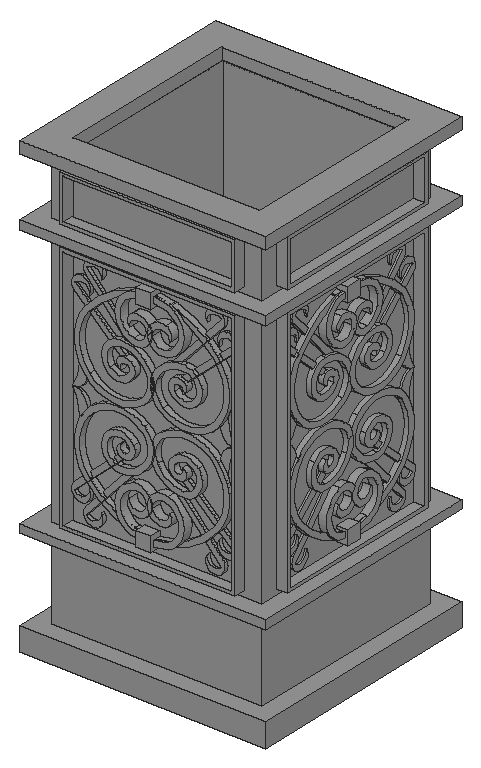
Revit family "Урна чугунная «Черниговская» Арт 15202", category Антураж, Revit 2018
Family settings
  На основе рабочей плоскости = Нет
  Всегда вертикально = Да
  При загрузке вырезать с полостями = Нет
  Источник визуального образа = Геометрия семейства
  Общий = Нет
  Точка расчета площади = Нет
Parameters (values of type "Урна чугунная «Черниговская»")
  Ширина = 415 mm  # constant formula
  Цвет урны = Чугун
  Описание = "Урна чугунная «Черниговская». Объём: 70 л"  # constant formula
  Материал изделия = "Чугун, сталь"  # constant formula
  Изображение типоразмера = Урна чугунная «Черниговская» Арт 15202.jpg
  Изготовитель = "ООО «Хоббика»"  # constant formula
  Длина = 415 mm  # constant formula
  Группа модели = "Уличные урны"  # constant formula
  Высота = 775 mm  # constant formula
  Артикул товара = "Арт. 15202"  # constant formula
  URL = "https://hobbyka.ru/product/urna_chugunnaya_chernigovskaya/"
Reference planes
  plane 1 "По центру (Вперед/Назад)": y = 0
  plane 2: z = 0
  plane 3 "По центру (Влево/Вправо)": x = 0
  plane 4: x = 415
  plane 5: y = 415
  plane 6: z = 775
Forms (mm)
  Sweep 1, solid, material "Чугун" <- "Цвет урны"
    path origin (0, 0, 0) x (1, 0, 0) y (0, 1, 0)
      loop
        line (0, 415) -> (0, 0) -> (415, 0) -> (415, 415) -> (0, 415)
    profile origin (207.5, 415, 0) x (0, 1, 0) y (0, 0, 1)
      loop
        line (0, 775) -> (-50, 775) -> (-50, 0) -> (0, 0) -> (0, 40) -> (-30, 40) -> (-30, 180) -> (0, 180) -> (0, 195) -> (-30, 195) -> (-30, 640) -> (0, 640) -> (0, 655) -> (-30, 655) -> (-30, 755) -> (0, 755) -> (0, 775)
  Extrusion 2, solid, not visible
    sketch origin (0, -1500, 0) x (0, 1, 0) y (0, 0, 1)
      loop
        line (1720, 627.5) -> (1695, 627.5) -> (1695, 602.5) -> (1720, 602.5) -> (1720, 627.5)
    from 10 to 30
  Extrusion 3, solid, not visible
    sketch origin (0, -1500, 0) x (0, 1, 0) y (0, 0, 1)
      loop
        arc (1669.534, 606.534) -> (1682.172, 609.344) -> (1695, 611.086) r 154.599
        line (1695, 611.086) -> (1695, 621.127)
        arc (1695, 621.127) -> (1680.599, 619.221) -> (1666.422, 616.052) r 164.599
        arc (1666.422, 616.052) -> (1638.167, 574.391) -> (1667.713, 533.636) r 43.835
        arc (1667.713, 533.636) -> (1692.567, 537.346) -> (1703.777, 559.837) r 27.204
        arc (1703.777, 559.837) -> (1693.236, 579.653) -> (1671.011, 582.781) r 24.727
        arc (1671.011, 582.781) -> (1661.389, 572.572) -> (1664.337, 558.857) r 15.081
        arc (1664.337, 558.857) -> (1678.652, 574.12) -> (1693.778, 559.66) r 14.727
        arc (1693.778, 559.66) -> (1686.689, 545.436) -> (1670.971, 543.09) r 17.204
        arc (1670.971, 543.09) -> (1648.171, 574.312) -> (1669.534, 606.534) r 33.835
    from 15 to 30
  Extrusion 4, solid, not visible
    sketch origin (0, -1500, 0) x (0, 1, 0) y (0, 0, 1)
      loop
        arc (1695, 621.127) -> (1632.379, 602.637) -> (1581.875, 561.255) r 164.599
        arc (1581.875, 561.255) -> (1562.274, 506.255) -> (1581.875, 451.255) r 86.965
        arc (1581.875, 451.255) -> (1631.912, 424.347) -> (1686.321, 440.702) r 74.231
        arc (1686.321, 440.702) -> (1701.673, 465.381) -> (1698.693, 494.292) r 44.899
        arc (1698.693, 494.292) -> (1675.77, 519.91) -> (1642.426, 528.269) r 58.615
        arc (1642.426, 528.269) -> (1613.422, 508.344) -> (1618.022, 473.457) r 33.663
        arc (1618.022, 473.457) -> (1643.868, 462.224) -> (1667.9, 476.944) r 30.528
        arc (1667.9, 476.944) -> (1665.197, 498.99) -> (1643.151, 501.693) r 18.034
        arc (1643.151, 501.693) -> (1637.997, 491.122) -> (1645.553, 482.11) r 10.801
        arc (1645.553, 482.11) -> (1652.452, 494.273) -> (1659.33, 482.098) r 8.034
        arc (1659.33, 482.098) -> (1643.171, 472.2) -> (1625.791, 479.753) r 20.528
        arc (1625.791, 479.753) -> (1622.557, 504.276) -> (1642.945, 518.283) r 23.663
        arc (1642.945, 518.283) -> (1670.601, 511.35) -> (1689.613, 490.102) r 48.615
        arc (1689.613, 490.102) -> (1691.929, 467.63) -> (1679.996, 448.448) r 34.899
        arc (1679.996, 448.448) -> (1632.917, 434.296) -> (1589.621, 457.58) r 64.231
        arc (1589.621, 457.58) -> (1572.274, 506.255) -> (1589.621, 554.931) r 76.965
        arc (1589.621, 554.931) -> (1636.67, 593.593) -> (1695, 611.086) r 154.599
        line (1695, 611.086) -> (1695, 621.127)
    from 20 to 30
  Extrusion 5, solid, not visible
    sketch origin (0, -1500, 0) x (0, 1, 0) y (0, 0, 1)
      loop
        line (1665.954, 524.653) -> (1580.262, 619.824)
        arc (1580.262, 619.824) -> (1597.84, 623.216) -> (1606.245, 607.409) r 15.063
        arc (1606.245, 607.409) -> (1592.114, 634.288) -> (1577.984, 607.409) r 17.154
        line (1577.984, 607.409) -> (1649.282, 528.224)
        arc (1649.282, 528.224) -> (1657.748, 527.048) -> (1665.954, 524.653) r 58.615
      loop
        line (1650.636, 504.182) -> (1558.491, 587.45)
        arc (1558.491, 587.45) -> (1576.24, 592.241) -> (1584.635, 575.885) r 14.617
        arc (1584.635, 575.885) -> (1570.505, 602.764) -> (1556.374, 575.885) r 17.154
        line (1556.374, 575.885) -> (1640.564, 499.805)
        arc (1640.564, 499.805) -> (1645.259, 502.779) -> (1650.636, 504.182) r 18.034
    from 25 to 30
  Extrusion 6, solid, not visible
    sketch origin (0, -1500, 0) x (0, 1, 0) y (0, 0, 1)
      loop
        arc (1565.418, 483.08) -> (1566.882, 452.474) -> (1556.032, 423.819) r 75.31
        arc (1556.032, 423.819) -> (1575.185, 431.667) -> (1581.875, 451.255) r 25.023
        arc (1581.875, 451.255) -> (1571.99, 466.311) -> (1565.418, 483.08) r 86.965
    from 25 to 30
  Extrusion 7, solid, not visible
    sketch origin (0, 1915, 0) x (0, -1, 0) y (0, 0, -1)
      loop
        arc (1669.534, -606.534) -> (1648.171, -574.312) -> (1670.971, -543.09) r 33.835
        arc (1670.971, -543.09) -> (1686.689, -545.436) -> (1693.778, -559.66) r 17.204
        arc (1693.778, -559.66) -> (1678.652, -574.12) -> (1664.337, -558.857) r 14.727
        arc (1664.337, -558.857) -> (1661.389, -572.572) -> (1671.011, -582.781) r 15.081
        arc (1671.011, -582.781) -> (1693.236, -579.653) -> (1703.777, -559.837) r 24.727
        arc (1703.777, -559.837) -> (1692.567, -537.346) -> (1667.713, -533.636) r 27.204
        arc (1667.713, -533.636) -> (1638.167, -574.391) -> (1666.422, -616.052) r 43.835
        arc (1666.422, -616.052) -> (1680.599, -619.221) -> (1695, -621.127) r 164.599
        line (1695, -621.127) -> (1695, -611.086)
        arc (1695, -611.086) -> (1682.172, -609.344) -> (1669.534, -606.534) r 154.599
    from 15 to 30
  Extrusion 8, solid, not visible
    sketch origin (0, 1915, 0) x (0, -1, 0) y (0, 0, -1)
      loop
        line (1695, -621.127) -> (1695, -611.086)
        arc (1695, -611.086) -> (1636.67, -593.593) -> (1589.621, -554.931) r 154.599
        arc (1589.621, -554.931) -> (1572.274, -506.255) -> (1589.621, -457.58) r 76.965
        arc (1589.621, -457.58) -> (1632.917, -434.296) -> (1679.996, -448.448) r 64.231
        arc (1679.996, -448.448) -> (1691.929, -467.63) -> (1689.613, -490.102) r 34.899
        arc (1689.613, -490.102) -> (1670.601, -511.35) -> (1642.945, -518.283) r 48.615
        arc (1642.945, -518.283) -> (1622.557, -504.276) -> (1625.791, -479.753) r 23.663
        arc (1625.791, -479.753) -> (1643.171, -472.2) -> (1659.33, -482.098) r 20.528
        arc (1659.33, -482.098) -> (1652.452, -494.273) -> (1645.553, -482.11) r 8.034
        arc (1645.553, -482.11) -> (1637.997, -491.122) -> (1643.151, -501.693) r 10.801
        arc (1643.151, -501.693) -> (1665.197, -498.99) -> (1667.9, -476.944) r 18.034
        arc (1667.9, -476.944) -> (1643.868, -462.224) -> (1618.022, -473.457) r 30.528
        arc (1618.022, -473.457) -> (1613.422, -508.344) -> (1642.426, -528.269) r 33.663
        arc (1642.426, -528.269) -> (1675.77, -519.91) -> (1698.693, -494.292) r 58.615
        arc (1698.693, -494.292) -> (1701.673, -465.381) -> (1686.321, -440.702) r 44.899
        arc (1686.321, -440.702) -> (1631.912, -424.347) -> (1581.875, -451.255) r 74.231
        arc (1581.875, -451.255) -> (1562.274, -506.255) -> (1581.875, -561.255) r 86.965
        arc (1581.875, -561.255) -> (1632.379, -602.637) -> (1695, -621.127) r 164.599
    from 20 to 30
  Extrusion 9, solid, not visible
    sketch origin (0, 1915, 0) x (0, -1, 0) y (0, 0, -1)
      loop
        arc (1665.954, -524.653) -> (1657.748, -527.048) -> (1649.282, -528.224) r 58.615
        line (1649.282, -528.224) -> (1577.984, -607.409)
        arc (1577.984, -607.409) -> (1592.114, -634.288) -> (1606.245, -607.409) r 17.154
        arc (1606.245, -607.409) -> (1597.84, -623.216) -> (1580.262, -619.824) r 15.063
        line (1580.262, -619.824) -> (1665.954, -524.653)
      loop
        arc (1650.636, -504.182) -> (1645.259, -502.779) -> (1640.564, -499.805) r 18.034
        line (1640.564, -499.805) -> (1556.374, -575.885)
        arc (1556.374, -575.885) -> (1570.505, -602.764) -> (1584.635, -575.885) r 17.154
        arc (1584.635, -575.885) -> (1576.24, -592.241) -> (1558.491, -587.45) r 14.617
        line (1558.491, -587.45) -> (1650.636, -504.182)
    from 25 to 30
  Extrusion 10, solid, not visible
    sketch origin (0, 1915, 0) x (0, -1, 0) y (0, 0, -1)
      loop
        arc (1565.418, -483.08) -> (1571.99, -466.311) -> (1581.875, -451.255) r 86.965
        arc (1581.875, -451.255) -> (1575.185, -431.667) -> (1556.032, -423.819) r 25.023
        arc (1556.032, -423.819) -> (1566.882, -452.474) -> (1565.418, -483.08) r 75.31
    from 25 to 30
  Extrusion 11, solid, not visible
    sketch origin (0, -1500, 835) x (0, 1, 0) y (0, 0, 1)
      loop
        line (1720, -627.5) -> (1720, -602.5) -> (1695, -602.5) -> (1695, -627.5) -> (1720, -627.5)
    from 10 to 30
  Extrusion 12, solid, not visible
    sketch origin (0, -1500, 835) x (0, 1, 0) y (0, 0, 1)
      loop
        arc (1669.534, -606.534) -> (1648.171, -574.312) -> (1670.971, -543.09) r 33.835
        arc (1670.971, -543.09) -> (1686.689, -545.436) -> (1693.778, -559.66) r 17.204
        arc (1693.778, -559.66) -> (1678.652, -574.12) -> (1664.337, -558.857) r 14.727
        arc (1664.337, -558.857) -> (1661.389, -572.572) -> (1671.011, -582.781) r 15.081
        arc (1671.011, -582.781) -> (1693.236, -579.653) -> (1703.777, -559.837) r 24.727
        arc (1703.777, -559.837) -> (1692.567, -537.346) -> (1667.713, -533.636) r 27.204
        arc (1667.713, -533.636) -> (1638.167, -574.391) -> (1666.422, -616.052) r 43.835
        arc (1666.422, -616.052) -> (1680.599, -619.221) -> (1695, -621.127) r 164.599
        line (1695, -621.127) -> (1695, -611.086)
        arc (1695, -611.086) -> (1682.172, -609.344) -> (1669.534, -606.534) r 154.599
    from 15 to 30
  Extrusion 13, solid, not visible
    sketch origin (0, -1500, 835) x (0, 1, 0) y (0, 0, 1)
      loop
        line (1695, -621.127) -> (1695, -611.086)
        arc (1695, -611.086) -> (1636.67, -593.593) -> (1589.621, -554.931) r 154.599
        arc (1589.621, -554.931) -> (1572.274, -506.255) -> (1589.621, -457.58) r 76.965
        arc (1589.621, -457.58) -> (1632.917, -434.296) -> (1679.996, -448.448) r 64.231
        arc (1679.996, -448.448) -> (1691.929, -467.63) -> (1689.613, -490.102) r 34.899
        arc (1689.613, -490.102) -> (1670.601, -511.35) -> (1642.945, -518.283) r 48.615
        arc (1642.945, -518.283) -> (1622.557, -504.276) -> (1625.791, -479.753) r 23.663
        arc (1625.791, -479.753) -> (1643.171, -472.2) -> (1659.33, -482.098) r 20.528
        arc (1659.33, -482.098) -> (1652.452, -494.273) -> (1645.553, -482.11) r 8.034
        arc (1645.553, -482.11) -> (1637.997, -491.122) -> (1643.151, -501.693) r 10.801
        arc (1643.151, -501.693) -> (1665.197, -498.99) -> (1667.9, -476.944) r 18.034
        arc (1667.9, -476.944) -> (1643.868, -462.224) -> (1618.022, -473.457) r 30.528
        arc (1618.022, -473.457) -> (1613.422, -508.344) -> (1642.426, -528.269) r 33.663
        arc (1642.426, -528.269) -> (1675.77, -519.91) -> (1698.693, -494.292) r 58.615
        arc (1698.693, -494.292) -> (1701.673, -465.381) -> (1686.321, -440.702) r 44.899
        arc (1686.321, -440.702) -> (1631.912, -424.347) -> (1581.875, -451.255) r 74.231
        arc (1581.875, -451.255) -> (1562.274, -506.255) -> (1581.875, -561.255) r 86.965
        arc (1581.875, -561.255) -> (1632.379, -602.637) -> (1695, -621.127) r 164.599
    from 20 to 30
  Extrusion 14, solid, not visible
    sketch origin (0, -1500, 835) x (0, 1, 0) y (0, 0, 1)
      loop
        arc (1665.954, -524.653) -> (1657.748, -527.048) -> (1649.282, -528.224) r 58.615
        line (1649.282, -528.224) -> (1577.984, -607.409)
        arc (1577.984, -607.409) -> (1592.114, -634.288) -> (1606.245, -607.409) r 17.154
        arc (1606.245, -607.409) -> (1597.84, -623.216) -> (1580.262, -619.824) r 15.063
        line (1580.262, -619.824) -> (1665.954, -524.653)
      loop
        arc (1650.636, -504.182) -> (1645.259, -502.779) -> (1640.564, -499.805) r 18.034
        line (1640.564, -499.805) -> (1556.374, -575.885)
        arc (1556.374, -575.885) -> (1570.505, -602.764) -> (1584.635, -575.885) r 17.154
        arc (1584.635, -575.885) -> (1576.24, -592.241) -> (1558.491, -587.45) r 14.617
        line (1558.491, -587.45) -> (1650.636, -504.182)
    from 25 to 30
  Extrusion 15, solid, not visible
    sketch origin (0, -1500, 835) x (0, 1, 0) y (0, 0, 1)
      loop
        arc (1565.418, -483.08) -> (1571.99, -466.311) -> (1581.875, -451.255) r 86.965
        arc (1581.875, -451.255) -> (1575.185, -431.667) -> (1556.032, -423.819) r 25.023
        arc (1556.032, -423.819) -> (1566.882, -452.474) -> (1565.418, -483.08) r 75.31
    from 25 to 30
  Extrusion 16, solid, not visible
    sketch origin (0, 1915, 835) x (0, -1, 0) y (0, 0, -1)
      loop
        arc (1669.534, 606.534) -> (1682.172, 609.344) -> (1695, 611.086) r 154.599
        line (1695, 611.086) -> (1695, 621.127)
        arc (1695, 621.127) -> (1680.599, 619.221) -> (1666.422, 616.052) r 164.599
        arc (1666.422, 616.052) -> (1638.167, 574.391) -> (1667.713, 533.636) r 43.835
        arc (1667.713, 533.636) -> (1692.567, 537.346) -> (1703.777, 559.837) r 27.204
        arc (1703.777, 559.837) -> (1693.236, 579.653) -> (1671.011, 582.781) r 24.727
        arc (1671.011, 582.781) -> (1661.389, 572.572) -> (1664.337, 558.857) r 15.081
        arc (1664.337, 558.857) -> (1678.652, 574.12) -> (1693.778, 559.66) r 14.727
        arc (1693.778, 559.66) -> (1686.689, 545.436) -> (1670.971, 543.09) r 17.204
        arc (1670.971, 543.09) -> (1648.171, 574.312) -> (1669.534, 606.534) r 33.835
    from 15 to 30
  Extrusion 17, solid, not visible
    sketch origin (0, 1915, 835) x (0, -1, 0) y (0, 0, -1)
      loop
        arc (1695, 621.127) -> (1632.379, 602.637) -> (1581.875, 561.255) r 164.599
        arc (1581.875, 561.255) -> (1562.274, 506.255) -> (1581.875, 451.255) r 86.965
        arc (1581.875, 451.255) -> (1631.912, 424.347) -> (1686.321, 440.702) r 74.231
        arc (1686.321, 440.702) -> (1701.673, 465.381) -> (1698.693, 494.292) r 44.899
        arc (1698.693, 494.292) -> (1675.77, 519.91) -> (1642.426, 528.269) r 58.615
        arc (1642.426, 528.269) -> (1613.422, 508.344) -> (1618.022, 473.457) r 33.663
        arc (1618.022, 473.457) -> (1643.868, 462.224) -> (1667.9, 476.944) r 30.528
        arc (1667.9, 476.944) -> (1665.197, 498.99) -> (1643.151, 501.693) r 18.034
        arc (1643.151, 501.693) -> (1637.997, 491.122) -> (1645.553, 482.11) r 10.801
        arc (1645.553, 482.11) -> (1652.452, 494.273) -> (1659.33, 482.098) r 8.034
        arc (1659.33, 482.098) -> (1643.171, 472.2) -> (1625.791, 479.753) r 20.528
        arc (1625.791, 479.753) -> (1622.557, 504.276) -> (1642.945, 518.283) r 23.663
        arc (1642.945, 518.283) -> (1670.601, 511.35) -> (1689.613, 490.102) r 48.615
        arc (1689.613, 490.102) -> (1691.929, 467.63) -> (1679.996, 448.448) r 34.899
        arc (1679.996, 448.448) -> (1632.917, 434.296) -> (1589.621, 457.58) r 64.231
        arc (1589.621, 457.58) -> (1572.274, 506.255) -> (1589.621, 554.931) r 76.965
        arc (1589.621, 554.931) -> (1636.67, 593.593) -> (1695, 611.086) r 154.599
        line (1695, 611.086) -> (1695, 621.127)
    from 20 to 30
  Extrusion 18, solid, not visible
    sketch origin (0, 1915, 835) x (0, -1, 0) y (0, 0, -1)
      loop
        line (1665.954, 524.653) -> (1580.262, 619.824)
        arc (1580.262, 619.824) -> (1597.84, 623.216) -> (1606.245, 607.409) r 15.063
        arc (1606.245, 607.409) -> (1592.114, 634.288) -> (1577.984, 607.409) r 17.154
        line (1577.984, 607.409) -> (1649.282, 528.224)
        arc (1649.282, 528.224) -> (1657.748, 527.048) -> (1665.954, 524.653) r 58.615
      loop
        line (1650.636, 504.182) -> (1558.491, 587.45)
        arc (1558.491, 587.45) -> (1576.24, 592.241) -> (1584.635, 575.885) r 14.617
        arc (1584.635, 575.885) -> (1570.505, 602.764) -> (1556.374, 575.885) r 17.154
        line (1556.374, 575.885) -> (1640.564, 499.805)
        arc (1640.564, 499.805) -> (1645.259, 502.779) -> (1650.636, 504.182) r 18.034
    from 25 to 30
  Extrusion 19, solid, not visible
    sketch origin (0, 1915, 835) x (0, -1, 0) y (0, 0, -1)
      loop
        arc (1565.418, 483.08) -> (1566.882, 452.474) -> (1556.032, 423.819) r 75.31
        arc (1556.032, 423.819) -> (1575.185, 431.667) -> (1581.875, 451.255) r 25.023
        arc (1581.875, 451.255) -> (1571.99, 466.311) -> (1565.418, 483.08) r 86.965
    from 25 to 30
  Extrusion 20, solid, material "Чугун" <- "Цвет урны"
    sketch origin (0, 0, 0) x (0, 1, 0) y (0, 0, 1)
      loop
        line (355, 745) -> (60, 745) -> (60, 665) -> (355, 665) -> (355, 745)
      loop
        line (355, 630) -> (60, 630) -> (60, 205) -> (355, 205) -> (355, 630)
      loop
        line (350, 740) -> (65, 740) -> (65, 670) -> (350, 670) -> (350, 740)
      loop
        line (350, 625) -> (65, 625) -> (65, 210) -> (350, 210) -> (350, 625)
    from 10 to 30
  Extrusion 21, solid, material "Чугун" <- "Цвет урны"
    sketch origin (0, -1492.5, -13.415) x (0, 1, 0) y (0, 0, 1)
      loop
        line (1720, 627.5) -> (1695, 627.5) -> (1695, 602.5) -> (1720, 602.5) -> (1720, 627.5)
    from 10 to 30
  Extrusion 22, solid, material "Чугун" <- "Цвет урны"
    sketch origin (0, -1492.5, -13.415) x (0, 1, 0) y (0, 0, 1)
      loop
        arc (1668.157, 615.48) -> (1641.097, 575.579) -> (1669.394, 536.545) r 41.983
        arc (1669.394, 536.545) -> (1693.198, 540.099) -> (1703.934, 561.64) r 26.054
        arc (1703.934, 561.64) -> (1693.839, 580.619) -> (1672.552, 583.614) r 23.682
        arc (1672.552, 583.614) -> (1663.338, 573.836) -> (1666.161, 560.701) r 14.444
        arc (1666.161, 560.701) -> (1679.871, 575.319) -> (1694.358, 561.47) r 14.105
        arc (1694.358, 561.47) -> (1687.569, 547.847) -> (1672.515, 545.6) r 16.477
        arc (1672.515, 545.6) -> (1650.677, 575.503) -> (1671.139, 606.364) r 32.405
        arc (1671.139, 606.364) -> (1683.242, 609.054) -> (1695.528, 610.723) r 148.066
        line (1695.528, 610.723) -> (1695.528, 620.34)
        arc (1695.528, 620.34) -> (1681.735, 618.514) -> (1668.157, 615.48) r 157.644
    from 15 to 30
  Extrusion 23, solid, material "Чугун" <- "Цвет урны"
    sketch origin (0, -1492.5, -13.415) x (0, 1, 0) y (0, 0, 1)
      loop
        line (1695.528, 610.723) -> (1695.528, 620.34)
        arc (1695.528, 620.34) -> (1635.554, 602.631) -> (1587.183, 562.998) r 157.644
        arc (1587.183, 562.998) -> (1568.41, 510.322) -> (1587.183, 457.646) r 83.291
        arc (1587.183, 457.646) -> (1635.106, 431.874) -> (1687.216, 447.538) r 71.094
        arc (1687.216, 447.538) -> (1701.919, 471.174) -> (1699.065, 498.864) r 43.001
        arc (1699.065, 498.864) -> (1677.111, 523.4) -> (1645.175, 531.406) r 56.138
        arc (1645.175, 531.406) -> (1617.397, 512.322) -> (1621.802, 478.909) r 32.241
        arc (1621.802, 478.909) -> (1646.557, 468.151) -> (1669.573, 482.25) r 29.238
        arc (1669.573, 482.25) -> (1666.985, 503.364) -> (1645.87, 505.953) r 17.272
        arc (1645.87, 505.953) -> (1640.934, 495.828) -> (1648.171, 487.197) r 10.345
        arc (1648.171, 487.197) -> (1654.778, 498.846) -> (1661.365, 487.185) r 7.695
        arc (1661.365, 487.185) -> (1645.889, 477.705) -> (1629.243, 484.939) r 19.66
        arc (1629.243, 484.939) -> (1626.146, 508.427) -> (1645.673, 521.841) r 22.663
        arc (1645.673, 521.841) -> (1672.16, 515.201) -> (1690.369, 494.851) r 46.56
        arc (1690.369, 494.851) -> (1692.587, 473.329) -> (1681.159, 454.957) r 33.424
        arc (1681.159, 454.957) -> (1636.069, 441.403) -> (1594.601, 463.703) r 61.517
        arc (1594.601, 463.703) -> (1577.987, 510.322) -> (1594.601, 556.941) r 73.713
        arc (1594.601, 556.941) -> (1639.663, 593.969) -> (1695.528, 610.723) r 148.066
    from 20 to 30
  Extrusion 24, solid, material "Чугун" <- "Цвет урны"
    sketch origin (0, -1492.5, -13.415) x (0, 1, 0) y (0, 0, 1)
      loop
        arc (1651.742, 531.363) -> (1659.85, 530.236) -> (1667.709, 527.943) r 56.138
        line (1667.709, 527.943) -> (1585.638, 619.092)
        arc (1585.638, 619.092) -> (1602.473, 622.34) -> (1610.523, 607.202) r 14.426
        arc (1610.523, 607.202) -> (1596.99, 632.945) -> (1583.456, 607.202) r 16.429
        line (1583.456, 607.202) -> (1651.742, 531.363)
      loop
        arc (1643.392, 504.145) -> (1647.889, 506.992) -> (1653.039, 508.336) r 17.272
        line (1653.039, 508.336) -> (1564.787, 588.086)
        arc (1564.787, 588.086) -> (1581.787, 592.675) -> (1589.827, 577.01) r 13.999
        arc (1589.827, 577.01) -> (1576.293, 602.753) -> (1562.76, 577.01) r 16.429
        line (1562.76, 577.01) -> (1643.392, 504.145)
      loop
        arc (1571.422, 488.126) -> (1572.823, 458.813) -> (1562.432, 431.369) r 72.128
        arc (1562.432, 431.369) -> (1580.776, 438.886) -> (1587.183, 457.646) r 23.966
        arc (1587.183, 457.646) -> (1577.716, 472.065) -> (1571.422, 488.126) r 83.291
    from 25 to 30
  Extrusion 25, solid, material "Чугун" <- "Цвет урны"
    sketch origin (0, 1907.5, -13.415) x (0, -1, 0) y (0, 0, -1)
      loop
        arc (1668.157, -615.48) -> (1681.735, -618.514) -> (1695.528, -620.34) r 157.644
        line (1695.528, -620.34) -> (1695.528, -610.723)
        arc (1695.528, -610.723) -> (1683.242, -609.054) -> (1671.139, -606.364) r 148.066
        arc (1671.139, -606.364) -> (1650.677, -575.503) -> (1672.515, -545.6) r 32.405
        arc (1672.515, -545.6) -> (1687.569, -547.847) -> (1694.358, -561.47) r 16.477
        arc (1694.358, -561.47) -> (1679.871, -575.319) -> (1666.161, -560.701) r 14.105
        arc (1666.161, -560.701) -> (1663.338, -573.836) -> (1672.552, -583.614) r 14.444
        arc (1672.552, -583.614) -> (1693.839, -580.619) -> (1703.934, -561.64) r 23.682
        arc (1703.934, -561.64) -> (1693.198, -540.099) -> (1669.394, -536.545) r 26.054
        arc (1669.394, -536.545) -> (1641.097, -575.579) -> (1668.157, -615.48) r 41.983
    from 15 to 30
  Extrusion 26, solid, material "Чугун" <- "Цвет урны"
    sketch origin (0, 1907.5, -13.415) x (0, -1, 0) y (0, 0, -1)
      loop
        arc (1695.528, -610.723) -> (1639.663, -593.969) -> (1594.601, -556.941) r 148.066
        arc (1594.601, -556.941) -> (1577.987, -510.322) -> (1594.601, -463.703) r 73.713
        arc (1594.601, -463.703) -> (1636.069, -441.403) -> (1681.159, -454.957) r 61.517
        arc (1681.159, -454.957) -> (1692.587, -473.329) -> (1690.369, -494.851) r 33.424
        arc (1690.369, -494.851) -> (1672.16, -515.201) -> (1645.673, -521.841) r 46.56
        arc (1645.673, -521.841) -> (1626.146, -508.427) -> (1629.243, -484.939) r 22.663
        arc (1629.243, -484.939) -> (1645.889, -477.705) -> (1661.365, -487.185) r 19.66
        arc (1661.365, -487.185) -> (1654.778, -498.846) -> (1648.171, -487.197) r 7.695
        arc (1648.171, -487.197) -> (1640.934, -495.828) -> (1645.87, -505.953) r 10.345
        arc (1645.87, -505.953) -> (1666.985, -503.364) -> (1669.573, -482.25) r 17.272
        arc (1669.573, -482.25) -> (1646.557, -468.151) -> (1621.802, -478.909) r 29.238
        arc (1621.802, -478.909) -> (1617.397, -512.322) -> (1645.175, -531.406) r 32.241
        arc (1645.175, -531.406) -> (1677.111, -523.4) -> (1699.065, -498.864) r 56.138
        arc (1699.065, -498.864) -> (1701.919, -471.174) -> (1687.216, -447.538) r 43.001
        arc (1687.216, -447.538) -> (1635.106, -431.874) -> (1587.183, -457.646) r 71.094
        arc (1587.183, -457.646) -> (1568.41, -510.322) -> (1587.183, -562.998) r 83.291
        arc (1587.183, -562.998) -> (1635.554, -602.631) -> (1695.528, -620.34) r 157.644
        line (1695.528, -620.34) -> (1695.528, -610.723)
    from 20 to 30
  Extrusion 27, solid, material "Чугун" <- "Цвет урны"
    sketch origin (0, 1907.5, -13.415) x (0, -1, 0) y (0, 0, -1)
      loop
        line (1651.742, -531.363) -> (1583.456, -607.202)
        arc (1583.456, -607.202) -> (1596.99, -632.945) -> (1610.523, -607.202) r 16.429
        arc (1610.523, -607.202) -> (1602.473, -622.34) -> (1585.638, -619.092) r 14.426
        line (1585.638, -619.092) -> (1667.709, -527.943)
        arc (1667.709, -527.943) -> (1659.85, -530.236) -> (1651.742, -531.363) r 56.138
      loop
        line (1643.392, -504.145) -> (1562.76, -577.01)
        arc (1562.76, -577.01) -> (1576.293, -602.753) -> (1589.827, -577.01) r 16.429
        arc (1589.827, -577.01) -> (1581.787, -592.675) -> (1564.787, -588.086) r 13.999
        line (1564.787, -588.086) -> (1653.039, -508.336)
        arc (1653.039, -508.336) -> (1647.889, -506.992) -> (1643.392, -504.145) r 17.272
      loop
        arc (1571.422, -488.126) -> (1577.716, -472.065) -> (1587.183, -457.646) r 83.291
        arc (1587.183, -457.646) -> (1580.776, -438.886) -> (1562.432, -431.369) r 23.966
        arc (1562.432, -431.369) -> (1572.823, -458.813) -> (1571.422, -488.126) r 72.128
    from 25 to 30
  Extrusion 28, solid, material "Чугун" <- "Цвет урны"
    sketch origin (0, -1492.5, 848.415) x (0, 1, 0) y (0, 0, 1)
      loop
        line (1720, -627.5) -> (1720, -602.5) -> (1695, -602.5) -> (1695, -627.5) -> (1720, -627.5)
    from 10 to 30
  Extrusion 29, solid, material "Чугун" <- "Цвет урны"
    sketch origin (0, -1492.5, 848.415) x (0, 1, 0) y (0, 0, 1)
      loop
        arc (1668.157, -615.48) -> (1681.735, -618.514) -> (1695.528, -620.34) r 157.644
        line (1695.528, -620.34) -> (1695.528, -610.723)
        arc (1695.528, -610.723) -> (1683.242, -609.054) -> (1671.139, -606.364) r 148.066
        arc (1671.139, -606.364) -> (1650.677, -575.503) -> (1672.515, -545.6) r 32.405
        arc (1672.515, -545.6) -> (1687.569, -547.847) -> (1694.358, -561.47) r 16.477
        arc (1694.358, -561.47) -> (1679.871, -575.319) -> (1666.161, -560.701) r 14.105
        arc (1666.161, -560.701) -> (1663.338, -573.836) -> (1672.552, -583.614) r 14.444
        arc (1672.552, -583.614) -> (1693.839, -580.619) -> (1703.934, -561.64) r 23.682
        arc (1703.934, -561.64) -> (1693.198, -540.099) -> (1669.394, -536.545) r 26.054
        arc (1669.394, -536.545) -> (1641.097, -575.579) -> (1668.157, -615.48) r 41.983
    from 15 to 30
  Extrusion 30, solid, material "Чугун" <- "Цвет урны"
    sketch origin (0, -1492.5, 848.415) x (0, 1, 0) y (0, 0, 1)
      loop
        arc (1695.528, -610.723) -> (1639.663, -593.969) -> (1594.601, -556.941) r 148.066
        arc (1594.601, -556.941) -> (1577.987, -510.322) -> (1594.601, -463.703) r 73.713
        arc (1594.601, -463.703) -> (1636.069, -441.403) -> (1681.159, -454.957) r 61.517
        arc (1681.159, -454.957) -> (1692.587, -473.329) -> (1690.369, -494.851) r 33.424
        arc (1690.369, -494.851) -> (1672.16, -515.201) -> (1645.673, -521.841) r 46.56
        arc (1645.673, -521.841) -> (1626.146, -508.427) -> (1629.243, -484.939) r 22.663
        arc (1629.243, -484.939) -> (1645.889, -477.705) -> (1661.365, -487.185) r 19.66
        arc (1661.365, -487.185) -> (1654.778, -498.846) -> (1648.171, -487.197) r 7.695
        arc (1648.171, -487.197) -> (1640.934, -495.828) -> (1645.87, -505.953) r 10.345
        arc (1645.87, -505.953) -> (1666.985, -503.364) -> (1669.573, -482.25) r 17.272
        arc (1669.573, -482.25) -> (1646.557, -468.151) -> (1621.802, -478.909) r 29.238
        arc (1621.802, -478.909) -> (1617.397, -512.322) -> (1645.175, -531.406) r 32.241
        arc (1645.175, -531.406) -> (1677.111, -523.4) -> (1699.065, -498.864) r 56.138
        arc (1699.065, -498.864) -> (1701.919, -471.174) -> (1687.216, -447.538) r 43.001
        arc (1687.216, -447.538) -> (1635.106, -431.874) -> (1587.183, -457.646) r 71.094
        arc (1587.183, -457.646) -> (1568.41, -510.322) -> (1587.183, -562.998) r 83.291
        arc (1587.183, -562.998) -> (1635.554, -602.631) -> (1695.528, -620.34) r 157.644
        line (1695.528, -620.34) -> (1695.528, -610.723)
    from 20 to 30
  Extrusion 31, solid, material "Чугун" <- "Цвет урны"
    sketch origin (0, -1492.5, 848.415) x (0, 1, 0) y (0, 0, 1)
      loop
        line (1651.742, -531.363) -> (1583.456, -607.202)
        arc (1583.456, -607.202) -> (1596.99, -632.945) -> (1610.523, -607.202) r 16.429
        arc (1610.523, -607.202) -> (1602.473, -622.34) -> (1585.638, -619.092) r 14.426
        line (1585.638, -619.092) -> (1667.709, -527.943)
        arc (1667.709, -527.943) -> (1659.85, -530.236) -> (1651.742, -531.363) r 56.138
      loop
        line (1643.392, -504.145) -> (1562.76, -577.01)
        arc (1562.76, -577.01) -> (1576.293, -602.753) -> (1589.827, -577.01) r 16.429
        arc (1589.827, -577.01) -> (1581.787, -592.675) -> (1564.787, -588.086) r 13.999
        line (1564.787, -588.086) -> (1653.039, -508.336)
        arc (1653.039, -508.336) -> (1647.889, -506.992) -> (1643.392, -504.145) r 17.272
      loop
        arc (1571.422, -488.126) -> (1577.716, -472.065) -> (1587.183, -457.646) r 83.291
        arc (1587.183, -457.646) -> (1580.776, -438.886) -> (1562.432, -431.369) r 23.966
        arc (1562.432, -431.369) -> (1572.823, -458.813) -> (1571.422, -488.126) r 72.128
    from 25 to 30
  Extrusion 32, solid, material "Чугун" <- "Цвет урны"
    sketch origin (0, 1907.5, 848.415) x (0, -1, 0) y (0, 0, -1)
      loop
        arc (1668.157, 615.48) -> (1641.097, 575.579) -> (1669.394, 536.545) r 41.983
        arc (1669.394, 536.545) -> (1693.198, 540.099) -> (1703.934, 561.64) r 26.054
        arc (1703.934, 561.64) -> (1693.839, 580.619) -> (1672.552, 583.614) r 23.682
        arc (1672.552, 583.614) -> (1663.338, 573.836) -> (1666.161, 560.701) r 14.444
        arc (1666.161, 560.701) -> (1679.871, 575.319) -> (1694.358, 561.47) r 14.105
        arc (1694.358, 561.47) -> (1687.569, 547.847) -> (1672.515, 545.6) r 16.477
        arc (1672.515, 545.6) -> (1650.677, 575.503) -> (1671.139, 606.364) r 32.405
        arc (1671.139, 606.364) -> (1683.242, 609.054) -> (1695.528, 610.723) r 148.066
        line (1695.528, 610.723) -> (1695.528, 620.34)
        arc (1695.528, 620.34) -> (1681.735, 618.514) -> (1668.157, 615.48) r 157.644
    from 15 to 30
  Extrusion 33, solid, material "Чугун" <- "Цвет урны"
    sketch origin (0, 1907.5, 848.415) x (0, -1, 0) y (0, 0, -1)
      loop
        line (1695.528, 610.723) -> (1695.528, 620.34)
        arc (1695.528, 620.34) -> (1635.554, 602.631) -> (1587.183, 562.998) r 157.644
        arc (1587.183, 562.998) -> (1568.41, 510.322) -> (1587.183, 457.646) r 83.291
        arc (1587.183, 457.646) -> (1635.106, 431.874) -> (1687.216, 447.538) r 71.094
        arc (1687.216, 447.538) -> (1701.919, 471.174) -> (1699.065, 498.864) r 43.001
        arc (1699.065, 498.864) -> (1677.111, 523.4) -> (1645.175, 531.406) r 56.138
        arc (1645.175, 531.406) -> (1617.397, 512.322) -> (1621.802, 478.909) r 32.241
        arc (1621.802, 478.909) -> (1646.557, 468.151) -> (1669.573, 482.25) r 29.238
        arc (1669.573, 482.25) -> (1666.985, 503.364) -> (1645.87, 505.953) r 17.272
        arc (1645.87, 505.953) -> (1640.934, 495.828) -> (1648.171, 487.197) r 10.345
        arc (1648.171, 487.197) -> (1654.778, 498.846) -> (1661.365, 487.185) r 7.695
        arc (1661.365, 487.185) -> (1645.889, 477.705) -> (1629.243, 484.939) r 19.66
        arc (1629.243, 484.939) -> (1626.146, 508.427) -> (1645.673, 521.841) r 22.663
        arc (1645.673, 521.841) -> (1672.16, 515.201) -> (1690.369, 494.851) r 46.56
        arc (1690.369, 494.851) -> (1692.587, 473.329) -> (1681.159, 454.957) r 33.424
        arc (1681.159, 454.957) -> (1636.069, 441.403) -> (1594.601, 463.703) r 61.517
        arc (1594.601, 463.703) -> (1577.987, 510.322) -> (1594.601, 556.941) r 73.713
        arc (1594.601, 556.941) -> (1639.663, 593.969) -> (1695.528, 610.723) r 148.066
    from 20 to 30
  Extrusion 34, solid, material "Чугун" <- "Цвет урны"
    sketch origin (0, 1907.5, 848.415) x (0, -1, 0) y (0, 0, -1)
      loop
        arc (1651.742, 531.363) -> (1659.85, 530.236) -> (1667.709, 527.943) r 56.138
        line (1667.709, 527.943) -> (1585.638, 619.092)
        arc (1585.638, 619.092) -> (1602.473, 622.34) -> (1610.523, 607.202) r 14.426
        arc (1610.523, 607.202) -> (1596.99, 632.945) -> (1583.456, 607.202) r 16.429
        line (1583.456, 607.202) -> (1651.742, 531.363)
      loop
        arc (1643.392, 504.145) -> (1647.889, 506.992) -> (1653.039, 508.336) r 17.272
        line (1653.039, 508.336) -> (1564.787, 588.086)
        arc (1564.787, 588.086) -> (1581.787, 592.675) -> (1589.827, 577.01) r 13.999
        arc (1589.827, 577.01) -> (1576.293, 602.753) -> (1562.76, 577.01) r 16.429
        line (1562.76, 577.01) -> (1643.392, 504.145)
      loop
        arc (1571.422, 488.126) -> (1572.823, 458.813) -> (1562.432, 431.369) r 72.128
        arc (1562.432, 431.369) -> (1580.776, 438.886) -> (1587.183, 457.646) r 23.966
        arc (1587.183, 457.646) -> (1577.716, 472.065) -> (1571.422, 488.126) r 83.291
    from 25 to 30
  Extrusion 35, solid, material "Чугун" <- "Цвет урны"
    sketch origin (415, 415, 0) x (0, -1, 0) y (0, 0, 1)
      loop
        line (355, 745) -> (60, 745) -> (60, 665) -> (355, 665) -> (355, 745)
      loop
        line (355, 630) -> (60, 630) -> (60, 205) -> (355, 205) -> (355, 630)
      loop
        line (350, 740) -> (65, 740) -> (65, 670) -> (350, 670) -> (350, 740)
      loop
        line (350, 625) -> (65, 625) -> (65, 210) -> (350, 210) -> (350, 625)
    from 10 to 30
  Extrusion 36, solid, material "Чугун" <- "Цвет урны"
    sketch origin (415, 1907.5, -13.415) x (0, -1, 0) y (0, 0, 1)
      loop
        line (1720, 627.5) -> (1695, 627.5) -> (1695, 602.5) -> (1720, 602.5) -> (1720, 627.5)
    from 10 to 30
  Extrusion 37, solid, material "Чугун" <- "Цвет урны"
    sketch origin (415, 1907.5, -13.415) x (0, -1, 0) y (0, 0, 1)
      loop
        arc (1668.157, 615.48) -> (1641.097, 575.579) -> (1669.394, 536.545) r 41.983
        arc (1669.394, 536.545) -> (1693.198, 540.099) -> (1703.934, 561.64) r 26.054
        arc (1703.934, 561.64) -> (1693.839, 580.619) -> (1672.552, 583.614) r 23.682
        arc (1672.552, 583.614) -> (1663.338, 573.836) -> (1666.161, 560.701) r 14.444
        arc (1666.161, 560.701) -> (1679.871, 575.319) -> (1694.358, 561.47) r 14.105
        arc (1694.358, 561.47) -> (1687.569, 547.847) -> (1672.515, 545.6) r 16.477
        arc (1672.515, 545.6) -> (1650.677, 575.503) -> (1671.139, 606.364) r 32.405
        arc (1671.139, 606.364) -> (1683.242, 609.054) -> (1695.528, 610.723) r 148.066
        line (1695.528, 610.723) -> (1695.528, 620.34)
        arc (1695.528, 620.34) -> (1681.735, 618.514) -> (1668.157, 615.48) r 157.644
    from 15 to 30
  Extrusion 38, solid, material "Чугун" <- "Цвет урны"
    sketch origin (415, 1907.5, -13.415) x (0, -1, 0) y (0, 0, 1)
      loop
        line (1695.528, 610.723) -> (1695.528, 620.34)
        arc (1695.528, 620.34) -> (1635.554, 602.631) -> (1587.183, 562.998) r 157.644
        arc (1587.183, 562.998) -> (1568.41, 510.322) -> (1587.183, 457.646) r 83.291
        arc (1587.183, 457.646) -> (1635.106, 431.874) -> (1687.216, 447.538) r 71.094
        arc (1687.216, 447.538) -> (1701.919, 471.174) -> (1699.065, 498.864) r 43.001
        arc (1699.065, 498.864) -> (1677.111, 523.4) -> (1645.175, 531.406) r 56.138
        arc (1645.175, 531.406) -> (1617.397, 512.322) -> (1621.802, 478.909) r 32.241
        arc (1621.802, 478.909) -> (1646.557, 468.151) -> (1669.573, 482.25) r 29.238
        arc (1669.573, 482.25) -> (1666.985, 503.364) -> (1645.87, 505.953) r 17.272
        arc (1645.87, 505.953) -> (1640.934, 495.828) -> (1648.171, 487.197) r 10.345
        arc (1648.171, 487.197) -> (1654.778, 498.846) -> (1661.365, 487.185) r 7.695
        arc (1661.365, 487.185) -> (1645.889, 477.705) -> (1629.243, 484.939) r 19.66
        arc (1629.243, 484.939) -> (1626.146, 508.427) -> (1645.673, 521.841) r 22.663
        arc (1645.673, 521.841) -> (1672.16, 515.201) -> (1690.369, 494.851) r 46.56
        arc (1690.369, 494.851) -> (1692.587, 473.329) -> (1681.159, 454.957) r 33.424
        arc (1681.159, 454.957) -> (1636.069, 441.403) -> (1594.601, 463.703) r 61.517
        arc (1594.601, 463.703) -> (1577.987, 510.322) -> (1594.601, 556.941) r 73.713
        arc (1594.601, 556.941) -> (1639.663, 593.969) -> (1695.528, 610.723) r 148.066
    from 20 to 30
  Extrusion 39, solid, material "Чугун" <- "Цвет урны"
    sketch origin (415, 1907.5, -13.415) x (0, -1, 0) y (0, 0, 1)
      loop
        arc (1651.742, 531.363) -> (1659.85, 530.236) -> (1667.709, 527.943) r 56.138
        line (1667.709, 527.943) -> (1585.638, 619.092)
        arc (1585.638, 619.092) -> (1602.473, 622.34) -> (1610.523, 607.202) r 14.426
        arc (1610.523, 607.202) -> (1596.99, 632.945) -> (1583.456, 607.202) r 16.429
        line (1583.456, 607.202) -> (1651.742, 531.363)
      loop
        arc (1643.392, 504.145) -> (1647.889, 506.992) -> (1653.039, 508.336) r 17.272
        line (1653.039, 508.336) -> (1564.787, 588.086)
        arc (1564.787, 588.086) -> (1581.787, 592.675) -> (1589.827, 577.01) r 13.999
        arc (1589.827, 577.01) -> (1576.293, 602.753) -> (1562.76, 577.01) r 16.429
        line (1562.76, 577.01) -> (1643.392, 504.145)
      loop
        arc (1571.422, 488.126) -> (1572.823, 458.813) -> (1562.432, 431.369) r 72.128
        arc (1562.432, 431.369) -> (1580.776, 438.886) -> (1587.183, 457.646) r 23.966
        arc (1587.183, 457.646) -> (1577.716, 472.065) -> (1571.422, 488.126) r 83.291
    from 25 to 30
  Extrusion 40, solid, material "Чугун" <- "Цвет урны"
    sketch origin (415, -1492.5, -13.415) x (0, 1, 0) y (0, 0, -1)
      loop
        arc (1668.157, -615.48) -> (1681.735, -618.514) -> (1695.528, -620.34) r 157.644
        line (1695.528, -620.34) -> (1695.528, -610.723)
        arc (1695.528, -610.723) -> (1683.242, -609.054) -> (1671.139, -606.364) r 148.066
        arc (1671.139, -606.364) -> (1650.677, -575.503) -> (1672.515, -545.6) r 32.405
        arc (1672.515, -545.6) -> (1687.569, -547.847) -> (1694.358, -561.47) r 16.477
        arc (1694.358, -561.47) -> (1679.871, -575.319) -> (1666.161, -560.701) r 14.105
        arc (1666.161, -560.701) -> (1663.338, -573.836) -> (1672.552, -583.614) r 14.444
        arc (1672.552, -583.614) -> (1693.839, -580.619) -> (1703.934, -561.64) r 23.682
        arc (1703.934, -561.64) -> (1693.198, -540.099) -> (1669.394, -536.545) r 26.054
        arc (1669.394, -536.545) -> (1641.097, -575.579) -> (1668.157, -615.48) r 41.983
    from 15 to 30
  Extrusion 41, solid, material "Чугун" <- "Цвет урны"
    sketch origin (415, -1492.5, -13.415) x (0, 1, 0) y (0, 0, -1)
      loop
        arc (1695.528, -610.723) -> (1639.663, -593.969) -> (1594.601, -556.941) r 148.066
        arc (1594.601, -556.941) -> (1577.987, -510.322) -> (1594.601, -463.703) r 73.713
        arc (1594.601, -463.703) -> (1636.069, -441.403) -> (1681.159, -454.957) r 61.517
        arc (1681.159, -454.957) -> (1692.587, -473.329) -> (1690.369, -494.851) r 33.424
        arc (1690.369, -494.851) -> (1672.16, -515.201) -> (1645.673, -521.841) r 46.56
        arc (1645.673, -521.841) -> (1626.146, -508.427) -> (1629.243, -484.939) r 22.663
        arc (1629.243, -484.939) -> (1645.889, -477.705) -> (1661.365, -487.185) r 19.66
        arc (1661.365, -487.185) -> (1654.778, -498.846) -> (1648.171, -487.197) r 7.695
        arc (1648.171, -487.197) -> (1640.934, -495.828) -> (1645.87, -505.953) r 10.345
        arc (1645.87, -505.953) -> (1666.985, -503.364) -> (1669.573, -482.25) r 17.272
        arc (1669.573, -482.25) -> (1646.557, -468.151) -> (1621.802, -478.909) r 29.238
        arc (1621.802, -478.909) -> (1617.397, -512.322) -> (1645.175, -531.406) r 32.241
        arc (1645.175, -531.406) -> (1677.111, -523.4) -> (1699.065, -498.864) r 56.138
        arc (1699.065, -498.864) -> (1701.919, -471.174) -> (1687.216, -447.538) r 43.001
        arc (1687.216, -447.538) -> (1635.106, -431.874) -> (1587.183, -457.646) r 71.094
        arc (1587.183, -457.646) -> (1568.41, -510.322) -> (1587.183, -562.998) r 83.291
        arc (1587.183, -562.998) -> (1635.554, -602.631) -> (1695.528, -620.34) r 157.644
        line (1695.528, -620.34) -> (1695.528, -610.723)
    from 20 to 30
  Extrusion 42, solid, material "Чугун" <- "Цвет урны"
    sketch origin (415, -1492.5, -13.415) x (0, 1, 0) y (0, 0, -1)
      loop
        line (1651.742, -531.363) -> (1583.456, -607.202)
        arc (1583.456, -607.202) -> (1596.99, -632.945) -> (1610.523, -607.202) r 16.429
        arc (1610.523, -607.202) -> (1602.473, -622.34) -> (1585.638, -619.092) r 14.426
        line (1585.638, -619.092) -> (1667.709, -527.943)
        arc (1667.709, -527.943) -> (1659.85, -530.236) -> (1651.742, -531.363) r 56.138
      loop
        line (1643.392, -504.145) -> (1562.76, -577.01)
        arc (1562.76, -577.01) -> (1576.293, -602.753) -> (1589.827, -577.01) r 16.429
        arc (1589.827, -577.01) -> (1581.787, -592.675) -> (1564.787, -588.086) r 13.999
        line (1564.787, -588.086) -> (1653.039, -508.336)
        arc (1653.039, -508.336) -> (1647.889, -506.992) -> (1643.392, -504.145) r 17.272
      loop
        arc (1571.422, -488.126) -> (1577.716, -472.065) -> (1587.183, -457.646) r 83.291
        arc (1587.183, -457.646) -> (1580.776, -438.886) -> (1562.432, -431.369) r 23.966
        arc (1562.432, -431.369) -> (1572.823, -458.813) -> (1571.422, -488.126) r 72.128
    from 25 to 30
  Extrusion 43, solid, material "Чугун" <- "Цвет урны"
    sketch origin (415, 1907.5, 848.415) x (0, -1, 0) y (0, 0, 1)
      loop
        line (1720, -627.5) -> (1720, -602.5) -> (1695, -602.5) -> (1695, -627.5) -> (1720, -627.5)
    from 10 to 30
  Extrusion 44, solid, material "Чугун" <- "Цвет урны"
    sketch origin (415, 1907.5, 848.415) x (0, -1, 0) y (0, 0, 1)
      loop
        arc (1668.157, -615.48) -> (1681.735, -618.514) -> (1695.528, -620.34) r 157.644
        line (1695.528, -620.34) -> (1695.528, -610.723)
        arc (1695.528, -610.723) -> (1683.242, -609.054) -> (1671.139, -606.364) r 148.066
        arc (1671.139, -606.364) -> (1650.677, -575.503) -> (1672.515, -545.6) r 32.405
        arc (1672.515, -545.6) -> (1687.569, -547.847) -> (1694.358, -561.47) r 16.477
        arc (1694.358, -561.47) -> (1679.871, -575.319) -> (1666.161, -560.701) r 14.105
        arc (1666.161, -560.701) -> (1663.338, -573.836) -> (1672.552, -583.614) r 14.444
        arc (1672.552, -583.614) -> (1693.839, -580.619) -> (1703.934, -561.64) r 23.682
        arc (1703.934, -561.64) -> (1693.198, -540.099) -> (1669.394, -536.545) r 26.054
        arc (1669.394, -536.545) -> (1641.097, -575.579) -> (1668.157, -615.48) r 41.983
    from 15 to 30
  Extrusion 45, solid, material "Чугун" <- "Цвет урны"
    sketch origin (415, 1907.5, 848.415) x (0, -1, 0) y (0, 0, 1)
      loop
        arc (1695.528, -610.723) -> (1639.663, -593.969) -> (1594.601, -556.941) r 148.066
        arc (1594.601, -556.941) -> (1577.987, -510.322) -> (1594.601, -463.703) r 73.713
        arc (1594.601, -463.703) -> (1636.069, -441.403) -> (1681.159, -454.957) r 61.517
        arc (1681.159, -454.957) -> (1692.587, -473.329) -> (1690.369, -494.851) r 33.424
        arc (1690.369, -494.851) -> (1672.16, -515.201) -> (1645.673, -521.841) r 46.56
        arc (1645.673, -521.841) -> (1626.146, -508.427) -> (1629.243, -484.939) r 22.663
        arc (1629.243, -484.939) -> (1645.889, -477.705) -> (1661.365, -487.185) r 19.66
        arc (1661.365, -487.185) -> (1654.778, -498.846) -> (1648.171, -487.197) r 7.695
        arc (1648.171, -487.197) -> (1640.934, -495.828) -> (1645.87, -505.953) r 10.345
        arc (1645.87, -505.953) -> (1666.985, -503.364) -> (1669.573, -482.25) r 17.272
        arc (1669.573, -482.25) -> (1646.557, -468.151) -> (1621.802, -478.909) r 29.238
        arc (1621.802, -478.909) -> (1617.397, -512.322) -> (1645.175, -531.406) r 32.241
        arc (1645.175, -531.406) -> (1677.111, -523.4) -> (1699.065, -498.864) r 56.138
        arc (1699.065, -498.864) -> (1701.919, -471.174) -> (1687.216, -447.538) r 43.001
        arc (1687.216, -447.538) -> (1635.106, -431.874) -> (1587.183, -457.646) r 71.094
        arc (1587.183, -457.646) -> (1568.41, -510.322) -> (1587.183, -562.998) r 83.291
        arc (1587.183, -562.998) -> (1635.554, -602.631) -> (1695.528, -620.34) r 157.644
        line (1695.528, -620.34) -> (1695.528, -610.723)
    from 20 to 30
  Extrusion 46, solid, material "Чугун" <- "Цвет урны"
    sketch origin (415, 1907.5, 848.415) x (0, -1, 0) y (0, 0, 1)
      loop
        line (1651.742, -531.363) -> (1583.456, -607.202)
        arc (1583.456, -607.202) -> (1596.99, -632.945) -> (1610.523, -607.202) r 16.429
        arc (1610.523, -607.202) -> (1602.473, -622.34) -> (1585.638, -619.092) r 14.426
        line (1585.638, -619.092) -> (1667.709, -527.943)
        arc (1667.709, -527.943) -> (1659.85, -530.236) -> (1651.742, -531.363) r 56.138
      loop
        line (1643.392, -504.145) -> (1562.76, -577.01)
        arc (1562.76, -577.01) -> (1576.293, -602.753) -> (1589.827, -577.01) r 16.429
        arc (1589.827, -577.01) -> (1581.787, -592.675) -> (1564.787, -588.086) r 13.999
        line (1564.787, -588.086) -> (1653.039, -508.336)
        arc (1653.039, -508.336) -> (1647.889, -506.992) -> (1643.392, -504.145) r 17.272
      loop
        arc (1571.422, -488.126) -> (1577.716, -472.065) -> (1587.183, -457.646) r 83.291
        arc (1587.183, -457.646) -> (1580.776, -438.886) -> (1562.432, -431.369) r 23.966
        arc (1562.432, -431.369) -> (1572.823, -458.813) -> (1571.422, -488.126) r 72.128
    from 25 to 30
  Extrusion 47, solid, material "Чугун" <- "Цвет урны"
    sketch origin (415, -1492.5, 848.415) x (0, 1, 0) y (0, 0, -1)
      loop
        arc (1668.157, 615.48) -> (1641.097, 575.579) -> (1669.394, 536.545) r 41.983
        arc (1669.394, 536.545) -> (1693.198, 540.099) -> (1703.934, 561.64) r 26.054
        arc (1703.934, 561.64) -> (1693.839, 580.619) -> (1672.552, 583.614) r 23.682
        arc (1672.552, 583.614) -> (1663.338, 573.836) -> (1666.161, 560.701) r 14.444
        arc (1666.161, 560.701) -> (1679.871, 575.319) -> (1694.358, 561.47) r 14.105
        arc (1694.358, 561.47) -> (1687.569, 547.847) -> (1672.515, 545.6) r 16.477
        arc (1672.515, 545.6) -> (1650.677, 575.503) -> (1671.139, 606.364) r 32.405
        arc (1671.139, 606.364) -> (1683.242, 609.054) -> (1695.528, 610.723) r 148.066
        line (1695.528, 610.723) -> (1695.528, 620.34)
        arc (1695.528, 620.34) -> (1681.735, 618.514) -> (1668.157, 615.48) r 157.644
    from 15 to 30
  Extrusion 48, solid, material "Чугун" <- "Цвет урны"
    sketch origin (415, -1492.5, 848.415) x (0, 1, 0) y (0, 0, -1)
      loop
        line (1695.528, 610.723) -> (1695.528, 620.34)
        arc (1695.528, 620.34) -> (1635.554, 602.631) -> (1587.183, 562.998) r 157.644
        arc (1587.183, 562.998) -> (1568.41, 510.322) -> (1587.183, 457.646) r 83.291
        arc (1587.183, 457.646) -> (1635.106, 431.874) -> (1687.216, 447.538) r 71.094
        arc (1687.216, 447.538) -> (1701.919, 471.174) -> (1699.065, 498.864) r 43.001
        arc (1699.065, 498.864) -> (1677.111, 523.4) -> (1645.175, 531.406) r 56.138
        arc (1645.175, 531.406) -> (1617.397, 512.322) -> (1621.802, 478.909) r 32.241
        arc (1621.802, 478.909) -> (1646.557, 468.151) -> (1669.573, 482.25) r 29.238
        arc (1669.573, 482.25) -> (1666.985, 503.364) -> (1645.87, 505.953) r 17.272
        arc (1645.87, 505.953) -> (1640.934, 495.828) -> (1648.171, 487.197) r 10.345
        arc (1648.171, 487.197) -> (1654.778, 498.846) -> (1661.365, 487.185) r 7.695
        arc (1661.365, 487.185) -> (1645.889, 477.705) -> (1629.243, 484.939) r 19.66
        arc (1629.243, 484.939) -> (1626.146, 508.427) -> (1645.673, 521.841) r 22.663
        arc (1645.673, 521.841) -> (1672.16, 515.201) -> (1690.369, 494.851) r 46.56
        arc (1690.369, 494.851) -> (1692.587, 473.329) -> (1681.159, 454.957) r 33.424
        arc (1681.159, 454.957) -> (1636.069, 441.403) -> (1594.601, 463.703) r 61.517
        arc (1594.601, 463.703) -> (1577.987, 510.322) -> (1594.601, 556.941) r 73.713
        arc (1594.601, 556.941) -> (1639.663, 593.969) -> (1695.528, 610.723) r 148.066
    from 20 to 30
  Extrusion 49, solid, material "Чугун" <- "Цвет урны"
    sketch origin (415, -1492.5, 848.415) x (0, 1, 0) y (0, 0, -1)
      loop
        arc (1651.742, 531.363) -> (1659.85, 530.236) -> (1667.709, 527.943) r 56.138
        line (1667.709, 527.943) -> (1585.638, 619.092)
        arc (1585.638, 619.092) -> (1602.473, 622.34) -> (1610.523, 607.202) r 14.426
        arc (1610.523, 607.202) -> (1596.99, 632.945) -> (1583.456, 607.202) r 16.429
        line (1583.456, 607.202) -> (1651.742, 531.363)
      loop
        arc (1643.392, 504.145) -> (1647.889, 506.992) -> (1653.039, 508.336) r 17.272
        line (1653.039, 508.336) -> (1564.787, 588.086)
        arc (1564.787, 588.086) -> (1581.787, 592.675) -> (1589.827, 577.01) r 13.999
        arc (1589.827, 577.01) -> (1576.293, 602.753) -> (1562.76, 577.01) r 16.429
        line (1562.76, 577.01) -> (1643.392, 504.145)
      loop
        arc (1571.422, 488.126) -> (1572.823, 458.813) -> (1562.432, 431.369) r 72.128
        arc (1562.432, 431.369) -> (1580.776, 438.886) -> (1587.183, 457.646) r 23.966
        arc (1587.183, 457.646) -> (1577.716, 472.065) -> (1571.422, 488.126) r 83.291
    from 25 to 30
  Extrusion 50, solid, material "Чугун" <- "Цвет урны"
    sketch origin (415, 0, 0) x (-1, 0, 0) y (0, 0, 1)
      loop
        line (355, 745) -> (60, 745) -> (60, 665) -> (355, 665) -> (355, 745)
      loop
        line (355, 630) -> (60, 630) -> (60, 205) -> (355, 205) -> (355, 630)
      loop
        line (350, 740) -> (65, 740) -> (65, 670) -> (350, 670) -> (350, 740)
      loop
        line (350, 625) -> (65, 625) -> (65, 210) -> (350, 210) -> (350, 625)
    from 10 to 30
  Extrusion 51, solid, material "Чугун" <- "Цвет урны"
    sketch origin (1907.5, 0, -13.415) x (-1, 0, 0) y (0, 0, 1)
      loop
        line (1720, 627.5) -> (1695, 627.5) -> (1695, 602.5) -> (1720, 602.5) -> (1720, 627.5)
    from 10 to 30
  Extrusion 52, solid, material "Чугун" <- "Цвет урны"
    sketch origin (1907.5, 0, -13.415) x (-1, 0, 0) y (0, 0, 1)
      loop
        arc (1668.157, 615.48) -> (1641.097, 575.579) -> (1669.394, 536.545) r 41.983
        arc (1669.394, 536.545) -> (1693.198, 540.099) -> (1703.934, 561.64) r 26.054
        arc (1703.934, 561.64) -> (1693.839, 580.619) -> (1672.552, 583.614) r 23.682
        arc (1672.552, 583.614) -> (1663.338, 573.836) -> (1666.161, 560.701) r 14.444
        arc (1666.161, 560.701) -> (1679.871, 575.319) -> (1694.358, 561.47) r 14.105
        arc (1694.358, 561.47) -> (1687.569, 547.847) -> (1672.515, 545.6) r 16.477
        arc (1672.515, 545.6) -> (1650.677, 575.503) -> (1671.139, 606.364) r 32.405
        arc (1671.139, 606.364) -> (1683.242, 609.054) -> (1695.528, 610.723) r 148.066
        line (1695.528, 610.723) -> (1695.528, 620.34)
        arc (1695.528, 620.34) -> (1681.735, 618.514) -> (1668.157, 615.48) r 157.644
    from 15 to 30
  Extrusion 53, solid, material "Чугун" <- "Цвет урны"
    sketch origin (1907.5, 0, -13.415) x (-1, 0, 0) y (0, 0, 1)
      loop
        line (1695.528, 610.723) -> (1695.528, 620.34)
        arc (1695.528, 620.34) -> (1635.554, 602.631) -> (1587.183, 562.998) r 157.644
        arc (1587.183, 562.998) -> (1568.41, 510.322) -> (1587.183, 457.646) r 83.291
        arc (1587.183, 457.646) -> (1635.106, 431.874) -> (1687.216, 447.538) r 71.094
        arc (1687.216, 447.538) -> (1701.919, 471.174) -> (1699.065, 498.864) r 43.001
        arc (1699.065, 498.864) -> (1677.111, 523.4) -> (1645.175, 531.406) r 56.138
        arc (1645.175, 531.406) -> (1617.397, 512.322) -> (1621.802, 478.909) r 32.241
        arc (1621.802, 478.909) -> (1646.557, 468.151) -> (1669.573, 482.25) r 29.238
        arc (1669.573, 482.25) -> (1666.985, 503.364) -> (1645.87, 505.953) r 17.272
        arc (1645.87, 505.953) -> (1640.934, 495.828) -> (1648.171, 487.197) r 10.345
        arc (1648.171, 487.197) -> (1654.778, 498.846) -> (1661.365, 487.185) r 7.695
        arc (1661.365, 487.185) -> (1645.889, 477.705) -> (1629.243, 484.939) r 19.66
        arc (1629.243, 484.939) -> (1626.146, 508.427) -> (1645.673, 521.841) r 22.663
        arc (1645.673, 521.841) -> (1672.16, 515.201) -> (1690.369, 494.851) r 46.56
        arc (1690.369, 494.851) -> (1692.587, 473.329) -> (1681.159, 454.957) r 33.424
        arc (1681.159, 454.957) -> (1636.069, 441.403) -> (1594.601, 463.703) r 61.517
        arc (1594.601, 463.703) -> (1577.987, 510.322) -> (1594.601, 556.941) r 73.713
        arc (1594.601, 556.941) -> (1639.663, 593.969) -> (1695.528, 610.723) r 148.066
    from 20 to 30
  Extrusion 54, solid, material "Чугун" <- "Цвет урны"
    sketch origin (1907.5, 0, -13.415) x (-1, 0, 0) y (0, 0, 1)
      loop
        arc (1651.742, 531.363) -> (1659.85, 530.236) -> (1667.709, 527.943) r 56.138
        line (1667.709, 527.943) -> (1585.638, 619.092)
        arc (1585.638, 619.092) -> (1602.473, 622.34) -> (1610.523, 607.202) r 14.426
        arc (1610.523, 607.202) -> (1596.99, 632.945) -> (1583.456, 607.202) r 16.429
        line (1583.456, 607.202) -> (1651.742, 531.363)
      loop
        arc (1643.392, 504.145) -> (1647.889, 506.992) -> (1653.039, 508.336) r 17.272
        line (1653.039, 508.336) -> (1564.787, 588.086)
        arc (1564.787, 588.086) -> (1581.787, 592.675) -> (1589.827, 577.01) r 13.999
        arc (1589.827, 577.01) -> (1576.293, 602.753) -> (1562.76, 577.01) r 16.429
        line (1562.76, 577.01) -> (1643.392, 504.145)
      loop
        arc (1571.422, 488.126) -> (1572.823, 458.813) -> (1562.432, 431.369) r 72.128
        arc (1562.432, 431.369) -> (1580.776, 438.886) -> (1587.183, 457.646) r 23.966
        arc (1587.183, 457.646) -> (1577.716, 472.065) -> (1571.422, 488.126) r 83.291
    from 25 to 30
  Extrusion 55, solid, material "Чугун" <- "Цвет урны"
    sketch origin (-1492.5, 0, -13.415) x (1, 0, 0) y (0, 0, -1)
      loop
        arc (1668.157, -615.48) -> (1681.735, -618.514) -> (1695.528, -620.34) r 157.644
        line (1695.528, -620.34) -> (1695.528, -610.723)
        arc (1695.528, -610.723) -> (1683.242, -609.054) -> (1671.139, -606.364) r 148.066
        arc (1671.139, -606.364) -> (1650.677, -575.503) -> (1672.515, -545.6) r 32.405
        arc (1672.515, -545.6) -> (1687.569, -547.847) -> (1694.358, -561.47) r 16.477
        arc (1694.358, -561.47) -> (1679.871, -575.319) -> (1666.161, -560.701) r 14.105
        arc (1666.161, -560.701) -> (1663.338, -573.836) -> (1672.552, -583.614) r 14.444
        arc (1672.552, -583.614) -> (1693.839, -580.619) -> (1703.934, -561.64) r 23.682
        arc (1703.934, -561.64) -> (1693.198, -540.099) -> (1669.394, -536.545) r 26.054
        arc (1669.394, -536.545) -> (1641.097, -575.579) -> (1668.157, -615.48) r 41.983
    from 15 to 30
  Extrusion 56, solid, material "Чугун" <- "Цвет урны"
    sketch origin (-1492.5, 0, -13.415) x (1, 0, 0) y (0, 0, -1)
      loop
        arc (1695.528, -610.723) -> (1639.663, -593.969) -> (1594.601, -556.941) r 148.066
        arc (1594.601, -556.941) -> (1577.987, -510.322) -> (1594.601, -463.703) r 73.713
        arc (1594.601, -463.703) -> (1636.069, -441.403) -> (1681.159, -454.957) r 61.517
        arc (1681.159, -454.957) -> (1692.587, -473.329) -> (1690.369, -494.851) r 33.424
        arc (1690.369, -494.851) -> (1672.16, -515.201) -> (1645.673, -521.841) r 46.56
        arc (1645.673, -521.841) -> (1626.146, -508.427) -> (1629.243, -484.939) r 22.663
        arc (1629.243, -484.939) -> (1645.889, -477.705) -> (1661.365, -487.185) r 19.66
        arc (1661.365, -487.185) -> (1654.778, -498.846) -> (1648.171, -487.197) r 7.695
        arc (1648.171, -487.197) -> (1640.934, -495.828) -> (1645.87, -505.953) r 10.345
        arc (1645.87, -505.953) -> (1666.985, -503.364) -> (1669.573, -482.25) r 17.272
        arc (1669.573, -482.25) -> (1646.557, -468.151) -> (1621.802, -478.909) r 29.238
        arc (1621.802, -478.909) -> (1617.397, -512.322) -> (1645.175, -531.406) r 32.241
        arc (1645.175, -531.406) -> (1677.111, -523.4) -> (1699.065, -498.864) r 56.138
        arc (1699.065, -498.864) -> (1701.919, -471.174) -> (1687.216, -447.538) r 43.001
        arc (1687.216, -447.538) -> (1635.106, -431.874) -> (1587.183, -457.646) r 71.094
        arc (1587.183, -457.646) -> (1568.41, -510.322) -> (1587.183, -562.998) r 83.291
        arc (1587.183, -562.998) -> (1635.554, -602.631) -> (1695.528, -620.34) r 157.644
        line (1695.528, -620.34) -> (1695.528, -610.723)
    from 20 to 30
  Extrusion 57, solid, material "Чугун" <- "Цвет урны"
    sketch origin (-1492.5, 0, -13.415) x (1, 0, 0) y (0, 0, -1)
      loop
        line (1651.742, -531.363) -> (1583.456, -607.202)
        arc (1583.456, -607.202) -> (1596.99, -632.945) -> (1610.523, -607.202) r 16.429
        arc (1610.523, -607.202) -> (1602.473, -622.34) -> (1585.638, -619.092) r 14.426
        line (1585.638, -619.092) -> (1667.709, -527.943)
        arc (1667.709, -527.943) -> (1659.85, -530.236) -> (1651.742, -531.363) r 56.138
      loop
        line (1643.392, -504.145) -> (1562.76, -577.01)
